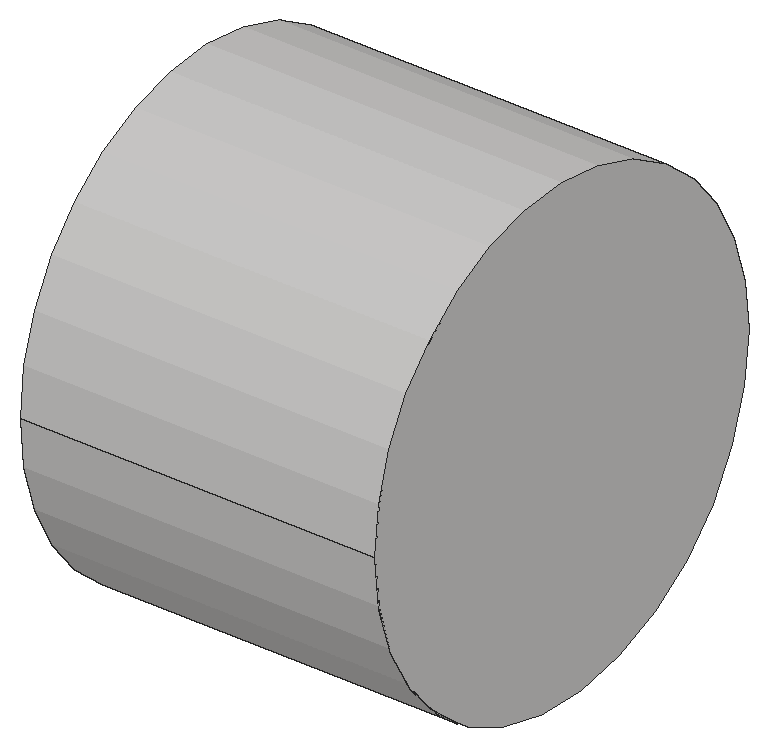
Revit family "Couplings-Shielded_Repair-Champion_Couplings-MI-HUB-ARC-CL_Series", category Pipe Fittings, Revit 2014
Parameters (values of type "MI-HUB-ARC-CL-400")
  Width B = 4.510"
  Width A = 5.360"
  Waste Connection = no
  Warranty Information = "1 Year Warranty"  # constant formula
  Vent Connection = no
  URL = "http://www.mifab.com"
  Tick Size = Width A * 0.4  # 2.144"
  Standard Listings & Approval = "CSA Approved, U.P.C. Approved"  # constant formula
  Product Page URL = "http://www.mifab.com/Catalog/No_Hub_Couplings/MIHUBARCCL_SHIELDED_NO_HUB_REPAIR_COUPLINGSCLAY_TO_CAST_IRON.html"
  Product Documentation Link = "http://www.mifab.com/Catalog/Library/MI-HUB-ARC-CL-spec_sheet.pdf"
  Price = "Prices may vary. Please consult Manufacturer Representative for most up-to-date price list."  # constant formula
  Pipe Size Description = "4\" Clay TO 4\" CI / PL / LD / ST"
  Pipe Outlet Connection Diameter = 4.000"
  Pipe Inlet Connection Diameter = 4.000"
  Pallet Quantity = "768"
  Nominal Height = Height  # 4.070"
  Nominal Diameter = Pipe Outlet Connection Diameter * 1.125  # 4.500"
  Model = "MI-HUB-ARC-CL"
  Material = "Metal-Champion Couplings-Stainless Steel"  # constant formula
  Manufacturer = "Champion Couplings"  # constant formula
  List Price (Each Piece) = 39.25
  Height = 4.070"
  HW Connection = no
  Description = "MIFAB® Series MI-HUB-ARC-CL (specify size) shielded repair couplings are manufactured with gaskets made\r\nfrom an elastomeric compound that meets the requirements of ASTM C-564 housed inside a Type 300 stainless steel shield.\r\nTwo Type 300 stainless steel clamps tightened with 5/16” Type 300 stainless steel hex head screws surround the shield to\r\nprovide the sealing force. The MI-HUB-ARC-CL Series of shielded repair couplings are tested and certified to ASTM Standard\r\n1460-2010 and CSA Standard B602-2010 and listed with I.A.P.M.O. All models are listed to the National Plumbing Code of\r\nCanada and relevant Canadian Standard(s) and bear the cUPC mark of conformity. Non constant temperature rating is 140 F."  # constant formula
  Creation Date = "\"2/17/2016\""
  Carton Quantity = "24"
  CW Connection = yes
  Assembly Code = "D2090800"
Types (7): name | Width B | Width A | Tick Size | Pipe Size Description | Pipe Outlet Connection Diameter | Pipe Inlet Connection Diameter | Pallet Quantity | Nominal Height | Nominal Diameter | List Price (Each Piece) | Height | Carton Quantity
  (no name) | 4.510" | 5.360" | 2.144" | "4\" Clay TO 4\" CI / PL / LD / ST" | 4.000" | 4.000" | "768" | 4.070" | 4.500" | 39.25 | 4.070" | "24"
  MI-HUB-ARC-CL-400 | 4.510" | 5.360" | 2.144" | "4\" Clay TO 4\" CI / PL / LD / ST" | 4.000" | 4.000" | "768" | 4.070" | 4.500" | 39.25 | 4.070" | "24"
  MI-HUB-ARC-CL-500 | 5.500" | 6.600" | 2.640" | "5\" Clay TO 5\" CI / PL / LD / ST" | 5.000" | 5.000" | "450" | 5.740" | 5.625" | 128.25 | 5.740" | "18"
  MI-HUB-ARC-CL-600 | 6.560" | 7.500" | 3.000" | "6\" Clay TO 6\" CI / PL / LD / ST" | 6.000" | 6.000" | "300" | 5.890" | 6.750" | 66.5 | 5.890" | "10"
  MI-HUB-ARC-CL-640 | 4.500" | 7.500" | 3.000" | "6\" Clay TO 4\" CI / PL / LD / ST" | 4.000" | 6.000" | "300" | 6.020" | 4.500" | 97.5 | 6.020" | "10"
  MI-HUB-ARC-CL-860 | 6.630" | 9.650" | 3.860" | "8\" Clay TO 6\" CI / PL / LD / ST" | 6.000" | 8.000" | "300" | 6.000" | 6.750" | 67.25 | 6.000" | "10"
  MI-HUB-ARC-CL-880 | 8.570" | 9.760" | 3.904" | "8\" Clay TO 8\" CI / PL / LD / ST" | 8.000" | 8.000" | "300" | 5.960" | 9.000" | 76 | 5.960" | "10"
Reference planes (in)
  plane 1 "Center (Front/Back)": y = 0
  plane 2: z = 0
  plane 3 "Center (Left/Right)": x = 0
  plane 4: x = -2.035
  plane 5: x = 2.035
  plane 6: x = 2.035
  plane 7: y = 2.68
  plane 8: y = 2.25
  plane 9: y = -2.68
  plane 10: y = -2.25
  plane 11: y = 2.68
  plane 12: y = -2.68
Forms (in)
  Extrusion 1, solid, material "Metal-Champion Couplings-Stainless Steel"
    sketch origin (0, 0, 0) x (0, 1, 0) y (0, 0, 1)
      loop
        circle (0, 0) r 2.68
    from -2.035 to 2.035
  Revolve 2, solid, material "Metal-Champion Couplings-Stainless Steel"
    sketch origin (0, 0, 0) x (1, 0, 0) y (0, 1, 0)
      loop
        line (0, 2.68) -> (0, 0) -> (2.035, 0) -> (2.035, 2.25) -> (0.43, 2.25) -> (0, 2.68)
      axis (0, 0) -> (2.035, 0)
    angle from 0 to 360
Cuts and joins
  joined: Extrusion 1, Revolve 2
Lines and regions (in)
  Masking region 1, detail levels fine
    outline origin (0, 0, 0) x (1, 0, 0) y (0, 1, 0)
      loop
        line (-2.035, 2.68) -> (-2.035, -2.68) -> (2.035, -2.68) -> (2.035, 2.68) -> (-2.035, 2.68)
  model lines, detail levels coarse+medium
    curve 1: line (-2.035, 2.144, 0) -> (-2.035, -2.144, 0)
    curve 2: line (2.035, 2.144, 0) -> (2.035, -2.144, 0)
    curve 3: line (2.035, 0, 0) -> (-2.035, 0, 0)
Dimensions and locks (in)
  "Height": plane 4 to plane 5
  equal spacing: plane 4, plane 3 "Center (Left/Right)", plane 5
  "Tick Size": plane 1 "Center (Front/Back)" to curve 1
  "Tick Size": curve 1 to plane 1 "Center (Front/Back)"
  "Tick Size": plane 1 "Center (Front/Back)" to curve 2
  "Tick Size": curve 2 to plane 1 "Center (Front/Back)"
  "Nominal Height": plane 4 to plane 6
  "Width A": plane 7 to plane 9
  "Nominal Diameter": plane 10 to plane 8
  equal spacing: plane 7, plane 1 "Center (Front/Back)", plane 9
  equal spacing: plane 10, plane 1 "Center (Front/Back)", plane 8
  "Width A": plane 12 to plane 11
  equal spacing: plane 12, plane 1 "Center (Front/Back)", plane 11
  "Width A": diameter of Extrusion 1 sketch curve
  locked: plane 3 "Center (Left/Right)" to Revolve 2 sketch curve (angle 45.00°)
  aligned and locked: Extrusion 1 to plane 4
  aligned and locked: curve 3 to plane 1 "Center (Front/Back)"
  aligned and locked: curve 1 to plane 4
  aligned and locked: plane 5 to curve 2
  aligned and locked: Extrusion 1 to plane 6
  aligned and locked: plane 5 to Revolve 2 sketch curve
  aligned and locked: plane 3 "Center (Left/Right)" to Revolve 2 sketch curve
  aligned and locked: plane 7 to Revolve 2 sketch curve
  aligned and locked: Revolve 2 sketch curve to plane 8
  aligned and locked: plane 11 to Masking region 1 sketch curve
  aligned and locked: Masking region 1 sketch curve to plane 12
  aligned and locked: Masking region 1 sketch curve to plane 4
  aligned and locked: plane 2 to Extrusion 1 sketch curve
  aligned and locked: plane 1 "Center (Front/Back)" to Extrusion 1 sketch curve
Automatic sketch dimensions
  plane 1 "Center (Front/Back)" to Revolve 2 sketch curve = 0.000"  (x2)
  plane 4 to Revolve 2 sketch curve = 0.260"
  Revolve 2 sketch curve to plane 4 = 0.490"
  Masking region 1 sketch curve to plane 5 = 0.000"
Connectors (in)
  piping at (-2.035, 0, 0), diameter 4, driven by "Pipe Inlet Connection Diameter"
    settings: on Extrusion 1, index 1, connector inside diameter 24", connector length 0.000", flow factor 0, pipe flow 0 GPM, pressure drop 0.00 psi, fitting loss kfactor 0, connector angle 0.00°, fixture units 0, engagement length 0.000", angle of deflection 0.00°, flow configuration 0, flow direction 0, fitting loss method 0, system type 28, joint type 0, gender type 0, connector reference index -1, connector utility 0, adjustable connector no, is connector primary yes, connector description ""
  piping at (2.035, 0, 0), diameter 4, driven by "Pipe Outlet Connection Diameter"
    settings: on Revolve 2, index 2, connector inside diameter 24", connector length 0.000", flow factor 0, pipe flow 0 GPM, pressure drop 0.00 psi, fitting loss kfactor 0, connector angle 0.00°, fixture units 0, engagement length 0.000", angle of deflection 0.00°, flow configuration 0, flow direction 0, fitting loss method 0, system type 28, joint type 0, gender type 0, connector reference index -1, connector utility 0, adjustable connector no, is connector primary no, connector description ""
